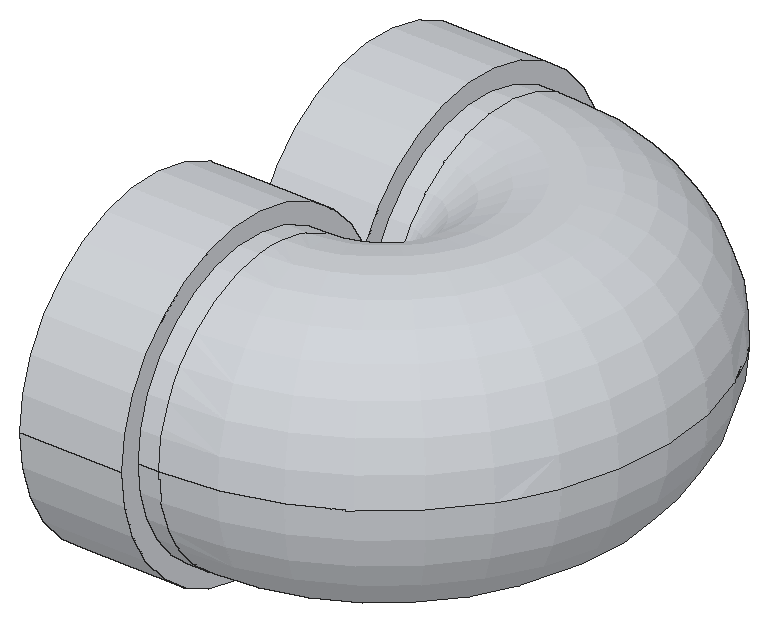
Revit family "47e0edddd2774609ad9eb728bb008381", category Pipe Fittings, Revit 2021
Family settings
  Round Connector Dimension = Use Radius
  Part Type = Multi Port
  OmniClass Number = 23.60.30.11.14
  OmniClass Title = Pipework Fittings
  Seek Item ID = Return Bend Closed-Pattern - Threaded - MI - Class 300-0000-USA-ENU
  Work Plane-Based = No
  Always vertical = Yes
  Cut with Voids When Loaded = No
  Shared = No
Parameters (values of type "Standard")
  Tick Size [instance] = Fitting Outside Diameter * 0.4  # 0.68661"
  Thread Length [instance] = size_lookup(Lookup Table Name, "TLgt", 0.24 * Nominal Diameter + 131/256", Nominal Diameter)  # 0.75197"
  Nominal Radius [instance] = 1/2"
  Nominal Diameter [instance] = Nominal Radius * 2  # 1"
  Metal Thickness [instance] = size_lookup(Lookup Table Name, "MThk", 0.06 * Nominal Diameter + 37/256", Nominal Diameter)  # 0.20079"
  Loss Method = Not Defined
  Lookup Table Name = "Return Bend Closed-Pattern - Threaded - MI - Class 300"
  Length 1 [instance] = Fitting Inside Diameter + 2 * Metal Thickness + 1/32"  # 1.74779"
  Half Center to Center [instance] = 0.5 * Center to Center  # 0.87598"
  Fitting Outside Radius [instance] = Fitting Outside Diameter / 2  # 0.85827"
  Fitting Outside Diameter [instance] = Fitting Inside Diameter + Metal Thickness * 2  # 1.71654"
  Fitting Inside Diameter [instance] = size_lookup(Lookup Table Name, "FID", 1.05 * Nominal Diameter + 19/64", Nominal Diameter)  # 1.31496"
  Default Elevation = 0' - 0"
  Center to Center [instance] = if(Center to Center 1 > Fitting Inside Diameter + 2 * Metal Thickness, Center to Center 1, Length 1)  # 1.75197"
  Center to Center 1 [instance] = size_lookup(Lookup Table Name, "CtC", 2.31 * Nominal Diameter - 75/128", Nominal Diameter)  # 1.75197"
  Band Width [instance] = size_lookup(Lookup Table Name, "BWid", 0.21 * Nominal Diameter + 53/128", Nominal Diameter)  # 0.62205"
  Band Outside Radius [instance] = Band Outside Diameter / 2  # 0.97441"
  Band Outside Diameter 1 [instance] = size_lookup(Lookup Table Name, "BOD", 1.31 * Nominal Diameter + 173/256", Nominal Diameter)  # 1.94882"
  Band Outside Diameter [instance] = if(Band Outside Diameter 1 < Center to Center, Center to Center, Band Outside Diameter 1)  # 1.94882"
Reference planes (in)
  plane 1 "Center (Front/Back)": y = 0
  plane 2: z = 0
  plane 3 "Center (Left/Right)": x = 0
  plane 4: y = -1.75197
  plane 5: x = 0.62205
  plane 6: x = 0.75197
  plane 7: y = -0.87598
Forms (in)
  Sweep 1, solid, detail levels fine
    path origin (0, 0, 0) x (1, 0, 0) y (0, 1, 0)
      loop
        line (0, 0) -> (0.62205, 0)
    profile origin (0.31102, 0, 0) x (0, 1, 0) y (0, 0, 1)
      loop
        circle (0, 0) r 0.97441
  Sweep 2, solid, detail levels fine
    path origin (0, 0, 0) x (1, 0, 0) y (0, 1, 0)
      loop
        line (0, -1.75197) -> (0.62205, -1.75197)
    profile origin (0.31102, -1.75197, 0) x (0, 1, 0) y (0, 0, 1)
      loop
        circle (0, 0) r 0.97441
  Sweep 3, solid, detail levels fine
    path origin (0, 0, 0) x (1, 0, 0) y (0, 1, 0)
      loop
        line (0.62205, 0) -> (0.75197, 0)
        arc (0.75197, 0) -> (1.62795, -0.87598) -> (0.75197, -1.75197) r 0.87598
        line (0.75197, -1.75197) -> (0.62205, -1.75197)
    profile origin (1.62795, -0.87598, 0) x (1, 0, 0) y (0, 0, 1)
      loop
        circle (0, 0) r 0.85827
Cuts and joins
  joined: Sweep 1, Sweep 2, Sweep 3
Lines and regions (in)
  model lines, detail levels coarse+medium
    curve 1: line (0, -1.75197, 0) -> (0.75197, -1.75197, 0)
    curve 2: line (0, 0, 0) -> (0.75197, 0, 0)
    curve 3: arc (0.75197, 0, 0) -> (1.62795, -0.87598, 0) -> (0.75197, -1.75197, 0) r 0.87598
    curve 4: line (0, 0.68661, 0) -> (0, -0.68661, 0)
    curve 5: line (0, -1.06535, 0) -> (0, -2.43858, 0)
Dimensions and locks (in)
  "Center to Center": plane 4 to plane 1 "Center (Front/Back)"
  "Band Width": plane 3 "Center (Left/Right)" to plane 5
  "Thread Length": plane 3 "Center (Left/Right)" to plane 6
  equal spacing: plane 4, plane 7, plane 1 "Center (Front/Back)"
  "Tick Size": curve 4 to curve 2  (x2)
  "Tick Size": curve 5 to curve 1
  "Tick Size": curve 1 to curve 5
  "Band Outside Radius": radius of Sweep 1 sketch curve
  "Band Outside Radius": radius of Sweep 2 sketch curve
  "Half Center to Center": radius of Sweep 3 sketch curve
  "Fitting Outside Radius": radius of Sweep 3 sketch curve
  "Half Center to Center": radius of curve 3
  aligned and locked: plane 3 "Center (Left/Right)" to Sweep 1 sketch curve
  aligned and locked: plane 5 to Sweep 1 sketch curve
  aligned and locked: plane 1 "Center (Front/Back)" to Sweep 1 sketch curve  (x2)
  aligned and locked: plane 2 to Sweep 1 sketch curve
  aligned and locked: plane 3 "Center (Left/Right)" to Sweep 2 sketch curve
  aligned and locked: Sweep 2 sketch curve to plane 4
  aligned and locked: plane 2 to Sweep 2 sketch curve
  aligned and locked: plane 4 to Sweep 2 sketch curve
  aligned and locked: plane 7 to Sweep 3 sketch curve
  aligned and locked: plane 6 to Sweep 3 sketch curve
  aligned and locked: Sweep 1 to Sweep 3 sketch curve
  aligned and locked: plane 1 "Center (Front/Back)" to Sweep 3 sketch curve
  aligned and locked: Sweep 2 to Sweep 3 sketch curve
  aligned and locked: Sweep 3 sketch curve to plane 4
  aligned and locked: plane 7 to curve 3
  aligned and locked: plane 6 to curve 3
  aligned and locked: plane 1 "Center (Front/Back)" to curve 2
  aligned and locked: curve 1 to plane 4
  aligned and locked: curve 4 to plane 3 "Center (Left/Right)"
  aligned and locked: curve 5 to plane 3 "Center (Left/Right)"
  aligned and locked: plane 6 to curve 2
  aligned and locked: plane 6 to curve 1
Automatic sketch dimensions
  Sweep 2 sketch curve to plane 5 = 0' - 0"
  Sweep 3 sketch curve to level = 0' - 0"
  profile plane to Sweep 3 sketch curve = 0' - 0"
Connectors (in)
  piping at (0, 0, 0), diameter 1, driven by "Nominal Radius"
    settings: on Sweep 1, index 1, connector inside diameter 1", connector length 0' - 0", flow factor 0, pipe flow 0 GPM, pressure drop 0.00 psi, fitting loss kfactor 0, connector angle 0.00°, fixture units 0, engagement length 0' - 0", angle of deflection 0.00°, flow configuration 0, flow direction 0, fitting loss method 0, system type 28, joint type 0, gender type 0, connector reference index 2, connector utility 0, adjustable connector no, is connector primary yes, connector description ""
  piping at (0, -1.75197, 0), diameter 1, driven by "Nominal Radius"
    settings: on Sweep 2, index 2, connector inside diameter 1", connector length 0' - 0", flow factor 0, pipe flow 0 GPM, pressure drop 0.00 psi, fitting loss kfactor 0, connector angle 0.00°, fixture units 0, engagement length 0' - 0", angle of deflection 0.00°, flow configuration 0, flow direction 0, fitting loss method 0, system type 28, joint type 0, gender type 0, connector reference index 1, connector utility 0, adjustable connector no, is connector primary no, connector description ""
